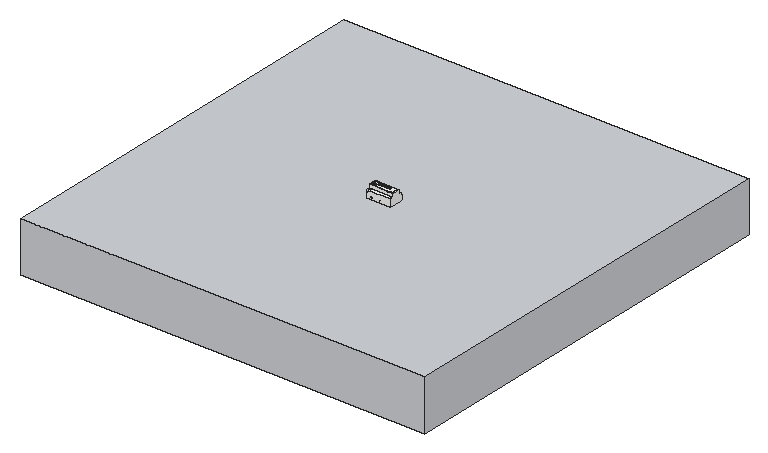
Revit family "Gira_104600", category Elektroinstallationen, Revit 2017
Family settings
  Basisbauteil = Fläche
  Beschriftungsausrichtung beibehalten = Nein
  Bemaßung runder Anschluss = Durchmesser verwenden
  Teiletyp = Normal
  Beim Laden mit Abzugskörper schneiden = Nein
  Gemeinsam genutzt = Nein
  Raumberechnungspunkt = Nein
Parameters (values of type "Schaltaktor 8f 16 A Hand + Strom C-Last KNX REG")
  Default Elevation = 1219.2 mm
  Vor Ort-/Handbedienung = yes
  URL = "https://www.gira.de/"
  Typname = "Schaltaktor 8f 16 A Hand + Strom C-Last KNX REG"
  Type Comments = ""
  Produktseite = "https://media.stage.bim.site/t/eyJhbGciOiJIUzI1NiIsInR5cCI6IkpXVCJ9.eyJjdCI6MiwidHUiOiJodHRwOi8va2F0YWxvZy5naXJhLmRlL2RlX0RFL2RhdGVuYmxhdHQuaHRtbD9hcnRpa2VsbnI9MTA0NjAwIiwiY2lkIjoiMzI3N2NjMjMtODFhOS00ZWUzLWE5MGEtYjQ3YmI0YzBiNjE2IiwicmlkIjoiZTVjM2RkOTE3NmMyNDY2NmM3NzllYWFlMjY4NWJkMTIiLCJwaWQiOiJhM2U2YzFhZTJhM2YxYzUxOGU4OGQ2NGQ1ZTYyZWJmNjE5ZDE1M2Q4Iiwic2lkIjoiNjM0NzAiLCJ1dCI6MSwibGMiOiJkZSIsImlhdCI6MTYwMDkzODE0MywiaXNzIjoiaHR0cHM6Ly9hcGkubGl2ZS5iaW0uc2l0ZSIsInN1YiI6ImFkbWluQGJpbXNpdGUuZGV2In0.I8zlEOgFIZhe3dMNYNaKSeK5IEoeUlGmM24sCATcjPg"
  Montageart = "REG"
  Model = ""
  Mit LED-Anzeige = no
  Mit Busankopplung = yes
  Max. Ausgangsstrom = 0 A
  Max. Anzahl der Schaltausgänge = 8
  Kosten = 0
  Hersteller = "Gira"
  HeinzeBIM = "https://www.heinze.de/bim/schaltaktor-8f-16-a-hand-strom-c-last-knx-reg/a3e6c1ae2a3f1c518e88d64d5e62ebf619d153d8"
  HAN = "104600"
  Geeignet für C-Last = yes
  GTIN = "4010337042273"
  Datenblatt 1 = "https://media.stage.bim.site/t/eyJhbGciOiJIUzI1NiIsInR5cCI6IkpXVCJ9.eyJjdCI6MSwidGYiOiJwdWJsaWMvZ2lyYS9hZThjNTU3LzEwNDYwMC50eHQiLCJjaWQiOiIzMjc3Y2MyMy04MWE5LTRlZTMtYTkwYS1iNDdiYjRjMGI2MTYiLCJyaWQiOiJlNWMzZGQ5MTc2YzI0NjY2Yzc3OWVhYWUyNjg1YmQxMiIsInBpZCI6ImEzZTZjMWFlMmEzZjFjNTE4ZTg4ZDY0ZDVlNjJlYmY2MTlkMTUzZDgiLCJzaWQiOiI2MzQ3MCIsInV0IjoxLCJsYyI6ImRlIiwiaWF0IjoxNjAwOTM4MTQzLCJpc3MiOiJodHRwczovL2FwaS5saXZlLmJpbS5zaXRlIiwic3ViIjoiYWRtaW5AYmltc2l0ZS5kZXYifQ.d_K6fgJGUaoDs1wGwzm3yv5kmahRN6bLSgBo93AiGuw/104600.txt"
  Datenblatt = "https://media.stage.bim.site/t/eyJhbGciOiJIUzI1NiIsInR5cCI6IkpXVCJ9.eyJjdCI6MSwidHUiOiJodHRwczovL2thdGFsb2cuZ2lyYS5kZS9kZV9ERS9kb3dubG9hZC5odG1sP2FydGlrZWxucj0xMDQ2MDAiLCJjaWQiOiIzMjc3Y2MyMy04MWE5LTRlZTMtYTkwYS1iNDdiYjRjMGI2MTYiLCJyaWQiOiJlNWMzZGQ5MTc2YzI0NjY2Yzc3OWVhYWUyNjg1YmQxMiIsInBpZCI6ImEzZTZjMWFlMmEzZjFjNTE4ZTg4ZDY0ZDVlNjJlYmY2MTlkMTUzZDgiLCJzaWQiOiI2MzQ3MCIsInV0IjoxLCJsYyI6ImRlIiwiaWF0IjoxNjAwOTM4MTQzLCJpc3MiOiJodHRwczovL2FwaS5saXZlLmJpbS5zaXRlIiwic3ViIjoiYWRtaW5AYmltc2l0ZS5kZXYifQ.FfubHQb0jUDXf3fuLZwoVqlGwpNJztUoojVfF7qZ9-E"
  Bussystem Powernet = no
  Bussystem LON = no
  Bussystem KNX-Funk = no
  Bussystem KNX = yes
  Bussystem Funkbus = no
  Busspannung pufferbar = no
  Breite in Teilungseinheiten = 8
  Beschreibung = "KNX Schaltaktor 8fach 16 A mit Handbetätigung und Strommessung für C-Lasten  REG plus REG-Schaltaktoren mit integrierter Busankopplung. Zum Schalten von unabhängig ansteuerbaren Lastgruppen. Mit Handschalter zur Umschaltung des Relais (Ein Aus) parallel bzw. ohne KNX Betrieb. Anschluss mehrphasig. Keine zusätzliche Spannungsversorgung erforderlich.  Merkmale:  Handbetätigung der Relais unabhängig vom Bus bzw. der Schaltstellungsanzeige.  Schließer- oder Öffnerbetrieb.  Zentrale Schaltfunktion.  Sammelrückmeldung zur Reduzierung der Buslast.  Aktive oder passive (Objekt auslesbar) zyklische Rückmeldefunktion.  Rückmeldungen lassen sich nach Busspannungswiederkehr verzögern.  Logische Verknüpfungsfunktion für jeden Ausgang.  Sperrfunktion für jeden Kanal parametrierbar. Alternativ Zwangsstellungsfunktion für jeden Ausgang.  Zeitfunktionen (Ein- bzw. Ausschaltverzögerung, Treppenlichtfunktion - auch mit Vorwarnfunktion).  Einbeziehung in Lichtszenen möglich, max. acht interne Szenen je Kanal sind parametrierbar.  Speicherfunktion für Lichtszenen.  Betriebsstundenzähler als Vorwärts- Rückwärtszähler mit Grenzwertfunktion (Grenzwert über Bus veränderbar) für jeden Ausgang aktivierbar.  Eingangsüberwachung auf zyklische Aktualisierung mit Sicherheitsstellung.  Reaktionen bei Busspannungsausfall und -wiederkehr und nach einem ETS-Programmiervorgang für jeden Kanal einstellbar.  Die Schaltkontakte des Schaltaktor 8fach C-Last sind speziell für Lasten mit kapazitivem Charakter und dadurch bedingten kurzzeitigen hohen Einschaltströmen ausgelegt (siehe technische Daten).  Der Schaltaktor besitzt eine integrierte Stromerkennung.  Für jeden Kanal kann eine Strommessung erfolgen.  Stromerkennung: Messung des Laststroms für jeden Kanal.  Schwellwerte zur Lastüberwachung (z. B. Meldung Lastausfall).  Unabhängiges Schalten der acht Ausgänge.  Hinweise :  Montage auf DIN-Hutschiene.  VDE-Zulassung gemäß EN 60669-1, EN 60669-2-1."
  Bemessungsstrom = 16 A
  Assembly Code = ""
  Keynote = ""
  BIMSITE_PRODUCT_ID = "a3e6c1ae2a3f1c518e88d64d5e62ebf619d153d8"
  BIM = "https://media.stage.bim.site/t/eyJhbGciOiJIUzI1NiIsInR5cCI6IkpXVCJ9.eyJjdCI6MSwidGYiOiJwdWJsaWMvZ2lyYS9hZThjNTU3L1JFRyAxNmYucmZhIiwiY2lkIjoiMzI3N2NjMjMtODFhOS00ZWUzLWE5MGEtYjQ3YmI0YzBiNjE2IiwicmlkIjoiZTVjM2RkOTE3NmMyNDY2NmM3NzllYWFlMjY4NWJkMTIiLCJwaWQiOiJhM2U2YzFhZTJhM2YxYzUxOGU4OGQ2NGQ1ZTYyZWJmNjE5ZDE1M2Q4Iiwic2lkIjoiNjM0NzAiLCJ1dCI6NSwibGMiOiJkZSIsImlhdCI6MTYwMDkzODE0MywiaXNzIjoiaHR0cHM6Ly9hcGkubGl2ZS5iaW0uc2l0ZSIsInN1YiI6ImFkbWluQGJpbXNpdGUuZGV2In0.zNqRSFPbORa0DIjm9ZErSBrahy1KAT56YUatPNpA2TQ/REG 16f.rfa"
  Anzahl der integrierten Drosseln = 0
  Andere Bussysteme = "ohne"
Reference planes
  plane 1 "Center (Front/Back)": y = 0
  plane 2: z = 0
  plane 3 "Center (Left/Right)": x = 0
Forms (mm)
  Extrusion 1, solid
    sketch origin (0, 0, 0) x (1, 0, 0) y (0, 1, 0)
      loop
        line (-1219.2, 1219.2) -> (-1219.2, -1219.2) -> (1219.2, -1219.2) -> (1219.2, 1219.2) -> (-1219.2, 1219.2)
    from 0 to -304.8
  Extrusion 2, solid, material "White", detail levels fine
    sketch origin (-36, 0, 0) x (0, 1, 0) y (0, 0, 1)
      loop
        line (45.125, -2.619) -> (45.125, 24.95) -> (33.875, 24.95) -> (33.875, 43.8) -> (22.575, 43.8) -> (22.575, 62.05)
        arc (22.575, 62.05) -> (22.311, 62.686) -> (21.675, 62.95) r 0.9
        line (21.675, 62.95) -> (-21.175, 62.95)
        arc (-21.175, 62.95) -> (-21.785, 62.758) -> (-22.175, 62.25) r 1.064
        line (-22.175, 62.25) -> (-22.175, 43.8) -> (-44.725, 43.8) -> (-44.725, -2.619)
        arc (-44.725, -2.619) -> (-31.081, -5.433) -> (-17.243, -7.049) r 160
        line (-17.243, -7.049) -> (-13.165, -1.734) -> (-16.399, -0.807) -> (-16.399, 0) -> (17.8, 0) -> (17.8, -1.4) -> (16.8, -1.4) -> (14.749, -4.952)
        arc (14.749, -4.952) -> (18.64, -6.184) -> (22.7, -6.6) r 20
        arc (22.7, -6.6) -> (33.983, -5.009) -> (45.125, -2.619) r 160
    from -36 to 108
  Extrusion 3, void, detail levels fine
    sketch origin (-34, 0, 0) x (1, 0, 0) y (0, 1, 0)
      loop
        circle (30, 26.925) r 2.55
      loop
        circle (21.75, 26.925) r 2.55
      loop
        circle (12.75, 26.925) r 2.55
      loop
        circle (4.5, 26.925) r 2.55
      loop
        circle (-4.5, 26.925) r 2.55
      loop
        circle (-12.75, 26.925) r 2.55
      loop
        circle (-21.75, 26.925) r 2.55
      loop
        circle (-30, 26.925) r 2.55
    from 37.936 to 43.8
  Extrusion 4, void, detail levels fine
    sketch origin (-34, 11.25, -18.85) x (1, 0, 0) y (0, 1, 0)
      loop
        circle (30, 26.925) r 2.55
      loop
        circle (21.75, 26.925) r 2.55
      loop
        circle (12.75, 26.925) r 2.55
      loop
        circle (4.5, 26.925) r 2.55
      loop
        circle (-4.5, 26.925) r 2.55
      loop
        circle (-12.75, 26.925) r 2.55
      loop
        circle (-21.75, 26.925) r 2.55
      loop
        circle (-30, 26.925) r 2.55
    from 37.936 to 43.8
  Extrusion 5, void, detail levels fine
    sketch origin (-36, 0, 0) x (1, 0, 0) y (0, 1, 0)
      loop
        circle (-13, -3.875) r 3
      loop
        circle (-23, -3.875) r 3
      loop
        circle (-23, -13.875) r 3
      loop
        circle (-13, -13.875) r 3
      loop
        circle (-29, -3.875) r 1.575
      loop
        circle (-29, -13.875) r 1.575
      loop
        circle (-7, -13.875) r 1.575
      loop
        circle (2.006, 5.325) r 1.625
      loop
        circle (6.406, 5.325) r 1.575
      loop
        circle (10.806, 5.325) r 1.625
      loop
        circle (15.206, 5.325) r 1.625
      loop
        circle (19.606, 5.325) r 1.625
      loop
        circle (24.006, 5.325) r 1.625
      loop
        circle (28.406, 5.325) r 1.575
      loop
        circle (32.806, 5.325) r 1.625
      loop
        circle (37.006, 5.325) r 1.625
      loop
        circle (41.406, 5.325) r 1.575
      loop
        circle (45.806, 5.325) r 1.625
      loop
        circle (50.206, 5.325) r 1.625
      loop
        circle (54.606, 5.325) r 1.625
      loop
        circle (59.006, 5.325) r 1.625
      loop
        circle (63.406, 5.325) r 1.575
      loop
        circle (67.806, 5.325) r 1.625
    from 58.253 to 62.95
  Extrusion 6, void, detail levels fine
    sketch origin (-36, 0, 0) x (1, 0, 0) y (0, 1, 0)
      loop
        line (-32.175, -32.6) -> (-32.175, -34.9) -> (-31.24, -34.36) -> (-31.401, -37.165) -> (-32.175, -36.7) -> (-32.175, -44.875) -> (-20.175, -44.875) -> (-20.175, -37.33) -> (-19.075, -37.965) -> (-19.075, -33.635) -> (-20.175, -34.27) -> (-20.175, -32.6) -> (-32.175, -32.6)
    from 28.5 to 43.8
  Extrusion 7, solid, detail levels fine
    sketch origin (-36, 0, 0) x (1, 0, 0) y (0, 1, 0)
      loop
        circle (-29.375, -36.2) r 0.5
      loop
        circle (-23.575, -36.2) r 0.5
    from 28.5 to 37.5
  Extrusion 8, void, detail levels fine
    sketch origin (-34, 0, 0) x (1, 0, 0) y (0, 0, 1)
      loop
        line (32.368, 26.75) -> (32.35, 28.865) -> (32.319, 32.45) -> (27.731, 32.45) -> (27.682, 26.75) -> (32.368, 26.75)
      loop
        line (24.118, 26.75) -> (24.1, 28.865) -> (24.069, 32.45) -> (19.481, 32.45) -> (19.432, 26.75) -> (24.118, 26.75)
      loop
        line (15.118, 26.75) -> (15.1, 28.865) -> (15.069, 32.45) -> (10.481, 32.45) -> (10.432, 26.75) -> (15.118, 26.75)
      loop
        line (6.868, 26.75) -> (6.85, 28.865) -> (6.819, 32.45) -> (2.231, 32.45) -> (2.182, 26.75) -> (6.868, 26.75)
      loop
        line (-2.182, 26.75) -> (-2.2, 28.865) -> (-2.231, 32.45) -> (-6.819, 32.45) -> (-6.868, 26.75) -> (-2.182, 26.75)
      loop
        line (-10.432, 26.75) -> (-10.45, 28.865) -> (-10.481, 32.45) -> (-15.069, 32.45) -> (-15.118, 26.75) -> (-10.432, 26.75)
      loop
        line (-19.35, 26.75) -> (-19.369, 28.865) -> (-19.4, 32.45) -> (-23.987, 32.45) -> (-24.037, 26.75) -> (-19.35, 26.75)
      loop
        line (-27.682, 26.75) -> (-27.7, 28.865) -> (-27.731, 32.45) -> (-32.319, 32.45) -> (-32.368, 26.75) -> (-27.682, 26.75)
    from -29.206 to -33.875
  Extrusion 9, void, detail levels fine
    sketch origin (-34, 11.25, -19.567) x (1, 0, 0) y (0, 0, 1)
      loop
        line (32.368, 26.75) -> (32.35, 28.865) -> (32.319, 32.45) -> (27.731, 32.45) -> (27.682, 26.75) -> (32.368, 26.75)
      loop
        line (24.118, 26.75) -> (24.1, 28.865) -> (24.069, 32.45) -> (19.481, 32.45) -> (19.432, 26.75) -> (24.118, 26.75)
      loop
        line (15.118, 26.75) -> (15.1, 28.865) -> (15.069, 32.45) -> (10.481, 32.45) -> (10.432, 26.75) -> (15.118, 26.75)
      loop
        line (6.868, 26.75) -> (6.85, 28.865) -> (6.819, 32.45) -> (2.231, 32.45) -> (2.182, 26.75) -> (6.868, 26.75)
      loop
        line (-2.182, 26.75) -> (-2.2, 28.865) -> (-2.231, 32.45) -> (-6.819, 32.45) -> (-6.868, 26.75) -> (-2.182, 26.75)
      loop
        line (-10.432, 26.75) -> (-10.45, 28.865) -> (-10.481, 32.45) -> (-15.069, 32.45) -> (-15.118, 26.75) -> (-10.432, 26.75)
      loop
        line (-19.35, 26.75) -> (-19.369, 28.865) -> (-19.4, 32.45) -> (-23.987, 32.45) -> (-24.037, 26.75) -> (-19.35, 26.75)
      loop
        line (-27.682, 26.75) -> (-27.7, 28.865) -> (-27.731, 32.45) -> (-32.319, 32.45) -> (-32.368, 26.75) -> (-27.682, 26.75)
    from -29.206 to -33.875
  Extrusion 10, solid, material "White", detail levels fine
    sketch origin (-36, 0, 0) x (1, 0, 0) y (0, 1, 0)
      loop
        circle (2.006, 5.325) r 1.625
      loop
        circle (6.406, 5.325) r 1.575
      loop
        circle (10.806, 5.325) r 1.625
      loop
        circle (15.206, 5.325) r 1.625
      loop
        circle (19.606, 5.325) r 1.625
      loop
        circle (24.006, 5.325) r 1.625
      loop
        circle (28.406, 5.325) r 1.575
      loop
        circle (32.806, 5.325) r 1.625
      loop
        circle (-29, -3.875) r 1.575
      loop
        circle (-29, -13.875) r 1.575
      loop
        circle (-7, -13.875) r 1.575
      loop
        circle (37.006, 5.325) r 1.625
      loop
        circle (41.406, 5.325) r 1.575
      loop
        circle (45.806, 5.325) r 1.625
      loop
        circle (50.206, 5.325) r 1.625
      loop
        circle (54.606, 5.325) r 1.625
      loop
        circle (59.006, 5.325) r 1.625
      loop
        circle (63.406, 5.325) r 1.575
      loop
        circle (67.806, 5.325) r 1.625
    from 58.253 to 62.25
  Extrusion 11, solid, material "White", detail levels fine
    sketch origin (-36, 0, 0) x (1, 0, 0) y (0, 1, 0)
      loop
        circle (-23, -3.875) r 3
      loop
        circle (-13, -3.875) r 3
      loop
        circle (-23, -13.875) r 3
      loop
        circle (-13, -13.875) r 3
    from 58.253 to 63.841
  Extrusion 12, solid, material "White", detail levels fine
    sketch origin (-36, 0, 0) x (0, 1, 0) y (0, 0, 1)
      loop
        line (45.125, -2.619) -> (45.125, 24.95) -> (33.875, 24.95) -> (33.875, 43.8) -> (22.575, 43.8) -> (22.575, 62.05)
        arc (22.575, 62.05) -> (22.311, 62.686) -> (21.675, 62.95) r 0.9
        line (21.675, 62.95) -> (-21.175, 62.95)
        arc (-21.175, 62.95) -> (-21.785, 62.758) -> (-22.175, 62.25) r 1.064
        line (-22.175, 62.25) -> (-22.175, 43.8) -> (-44.725, 43.8) -> (-44.725, -2.619)
        arc (-44.725, -2.619) -> (-31.081, -5.433) -> (-17.243, -7.049) r 160
        line (-17.243, -7.049) -> (-13.165, -1.734) -> (-16.399, -0.807) -> (-16.399, 0) -> (17.8, 0) -> (17.8, -1.4) -> (16.8, -1.4) -> (14.749, -4.952)
        arc (14.749, -4.952) -> (18.64, -6.184) -> (22.7, -6.6) r 20
        arc (22.7, -6.6) -> (33.983, -5.009) -> (45.125, -2.619) r 160
    from -36 to 108
  Extrusion 13, void, detail levels fine
    sketch origin (34, 0, 0) x (-1, 0, 0) y (0, -1, 0)
      loop
        circle (30, -26.925) r 2.55
      loop
        circle (21.75, -26.925) r 2.55
      loop
        circle (12.75, -26.925) r 2.55
      loop
        circle (4.5, -26.925) r 2.55
      loop
        circle (-4.5, -26.925) r 2.55
      loop
        circle (-12.75, -26.925) r 2.55
      loop
        circle (-21.75, -26.925) r 2.55
      loop
        circle (-30, -26.925) r 2.55
    from 37.936 to 43.8
  Extrusion 14, void, detail levels fine
    sketch origin (34, 11.25, -18.85) x (-1, 0, 0) y (0, -1, 0)
      loop
        circle (30, -26.925) r 2.55
      loop
        circle (21.75, -26.925) r 2.55
      loop
        circle (12.75, -26.925) r 2.55
      loop
        circle (4.5, -26.925) r 2.55
      loop
        circle (-4.5, -26.925) r 2.55
      loop
        circle (-12.75, -26.925) r 2.55
      loop
        circle (-21.75, -26.925) r 2.55
      loop
        circle (-30, -26.925) r 2.55
    from 37.936 to 43.8
  Extrusion 15, void, detail levels fine
    sketch origin (34, 0, 0) x (-1, 0, 0) y (0, 0, -1)
      loop
        line (32.368, -26.75) -> (27.682, -26.75) -> (27.731, -32.45) -> (32.319, -32.45) -> (32.35, -28.865) -> (32.368, -26.75)
      loop
        line (24.118, -26.75) -> (19.432, -26.75) -> (19.481, -32.45) -> (24.069, -32.45) -> (24.1, -28.865) -> (24.118, -26.75)
      loop
        line (15.118, -26.75) -> (10.432, -26.75) -> (10.481, -32.45) -> (15.069, -32.45) -> (15.1, -28.865) -> (15.118, -26.75)
      loop
        line (6.868, -26.75) -> (2.182, -26.75) -> (2.231, -32.45) -> (6.819, -32.45) -> (6.85, -28.865) -> (6.868, -26.75)
      loop
        line (-2.182, -26.75) -> (-6.868, -26.75) -> (-6.819, -32.45) -> (-2.231, -32.45) -> (-2.2, -28.865) -> (-2.182, -26.75)
      loop
        line (-10.432, -26.75) -> (-15.118, -26.75) -> (-15.069, -32.45) -> (-10.481, -32.45) -> (-10.45, -28.865) -> (-10.432, -26.75)
      loop
        line (-19.35, -26.75) -> (-24.037, -26.75) -> (-23.987, -32.45) -> (-19.4, -32.45) -> (-19.369, -28.865) -> (-19.35, -26.75)
      loop
        line (-27.682, -26.75) -> (-32.368, -26.75) -> (-32.319, -32.45) -> (-27.731, -32.45) -> (-27.7, -28.865) -> (-27.682, -26.75)
    from -29.206 to -33.875
  Extrusion 16, void, detail levels fine
    sketch origin (34, 11.25, -19.567) x (-1, 0, 0) y (0, 0, -1)
      loop
        line (32.368, -26.75) -> (27.682, -26.75) -> (27.731, -32.45) -> (32.319, -32.45) -> (32.35, -28.865) -> (32.368, -26.75)
      loop
        line (24.118, -26.75) -> (19.432, -26.75) -> (19.481, -32.45) -> (24.069, -32.45) -> (24.1, -28.865) -> (24.118, -26.75)
      loop
        line (15.118, -26.75) -> (10.432, -26.75) -> (10.481, -32.45) -> (15.069, -32.45) -> (15.1, -28.865) -> (15.118, -26.75)
      loop
        line (6.868, -26.75) -> (2.182, -26.75) -> (2.231, -32.45) -> (6.819, -32.45) -> (6.85, -28.865) -> (6.868, -26.75)
      loop
        line (-2.182, -26.75) -> (-6.868, -26.75) -> (-6.819, -32.45) -> (-2.231, -32.45) -> (-2.2, -28.865) -> (-2.182, -26.75)
      loop
        line (-10.432, -26.75) -> (-15.118, -26.75) -> (-15.069, -32.45) -> (-10.481, -32.45) -> (-10.45, -28.865) -> (-10.432, -26.75)
      loop
        line (-19.35, -26.75) -> (-24.037, -26.75) -> (-23.987, -32.45) -> (-19.4, -32.45) -> (-19.369, -28.865) -> (-19.35, -26.75)
      loop
        line (-27.682, -26.75) -> (-32.368, -26.75) -> (-32.319, -32.45) -> (-27.731, -32.45) -> (-27.7, -28.865) -> (-27.682, -26.75)
    from -29.206 to -33.875
  Extrusion 17, solid, material "White", detail levels medium
    sketch origin (0, 0, 0) x (0, 1, 0) y (0, 0, 1)
      loop
        line (22.575, 63.841) -> (-22.175, 63.841) -> (-22.175, 43.8) -> (-44.725, 43.8) -> (-44.725, -7.049) -> (45.125, -7.049) -> (45.125, 24.95) -> (33.875, 24.95) -> (33.875, 43.8) -> (22.575, 43.8) -> (22.575, 63.841)
    from -72 to 72
  Extrusion 18, solid, material "White", detail levels coarse
    sketch origin (0, 0, 0) x (0, 1, 0) y (0, 0, 1)
      loop
        line (45.125, 63.841) -> (-44.725, 63.841) -> (-44.725, -7.049) -> (45.125, -7.049) -> (45.125, 63.841)
    from -72 to 72
Cuts and joins
  Extrusion 3, Extrusion 4, Extrusion 5, Extrusion 6, Extrusion 8, Extrusion 9, Extrusion 13, Extrusion 14, Extrusion 15, Extrusion 16 cuts Extrusion 2
  Extrusion 3, Extrusion 4, Extrusion 5, Extrusion 6, Extrusion 8, Extrusion 9, Extrusion 13, Extrusion 14, Extrusion 15, Extrusion 16 cuts Extrusion 12
Dimensions and locks
  aligned and locked: plane 2 to Extrusion 1
  aligned and locked: level to Extrusion 1
